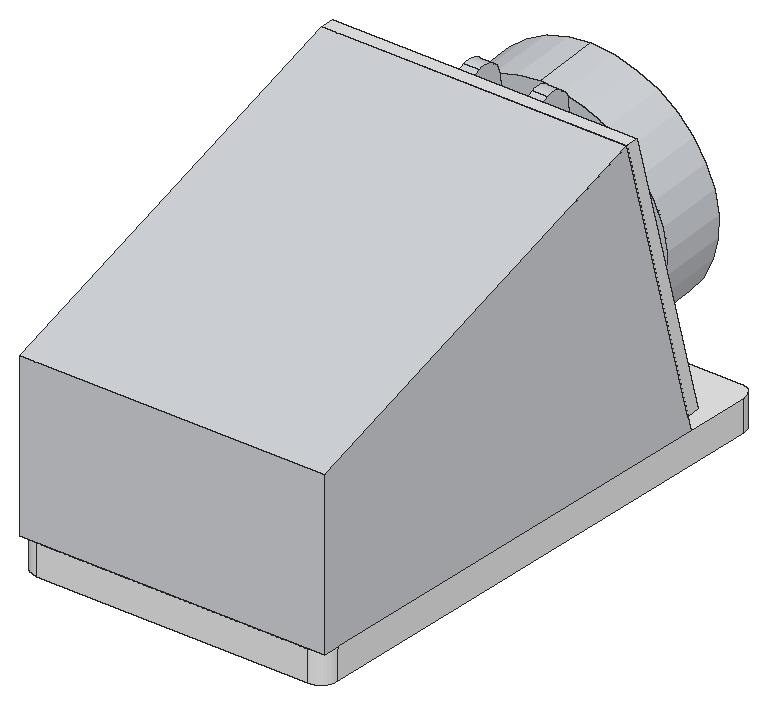
Revit family "Building-ConnessioniIEC309-GEWISS-IEC309HP-PRESE_FISSE_PAR_90°_16A_IP67", category Apparecchi elettrici, host Superficie, Revit 2019
Family settings
  Host = Superficie
  Mantenere orientamento annotazione = Sì
  Quota connettore circolare = Usa diametro
  Tipo di parte = Normale
  Taglio con vuoti quando caricato = No
  Condiviso = No
  Punto di calcolo locali = Sì
Parameters (values of type "GW62507 - PRESA FISSA 90°PAR.ST.3P+N+T 16A 500V 7H")
  simbolo acceso [instance] = yes
  distanza_simbolo [instance] = 1 mm
  distanza dal piano [instance] = 0 mm
  W = 115 mm  # constant formula
  Versione file RFA = "21.11"
  URL = "https://www.gewiss.com/it/it"
  Tipologia = "Presa fissa da parete 90°"
  Tipo Cablaggio = "A vite"
  Termopressione con biglia = "125 °C (Parti attive) - 80 °C (Parti passive)"
  Tensione nominale = "480-500V"
  Temperatura di utilizzo = "-25 +55 °C"
  Spostamento_effettivo_S [instance] = 4000 mm - Spostamento_S  # 3045 mm
  Spostamento_S = 955 mm
  Sportello_visibile = yes
  Sovraccarico ammissibile = "22A"
  Scheda Tecnica = "https://www.gewiss.com/it/it/search?q=GW62507"
  SPinotto = Default(2)
  SEO = "Presa"
  Riferimento h = "7"
  Resistenza di isolamento = "- 10 M?"
  Resistenza agli urti = "IK08"
  Prospetto di default = 500 mm
  Produttore = "GEWISS S.p.A."
  Potere d'interruzione a 1,1 Un = "20A"
  Piastra = Default(2)
  N. poli = "3P+N+T"
  N. Manovre complessive = "-5000"
  Modello = "GW62507"
  L = 155 mm  # constant formula
  Immagine tipo = (empty or 0)
  IDT = "75224ae70975472582c93cd3b83b93f0"
  IDF = "33bf2142-f6e8-4508-bc85-10d0f604711d"
  Grado di protezione = "IP67"
  Glow wire test: = "850 °C (Parti attive) - 650 °C (Parti passive)"
  Frequenza = "50/60 Hz"
  FORMULA = 1000 mm * 1  # 1000 mm
  Descrizione = "PRESA FISSA 90°PAR.ST.3P+N+T 16A 500V 7H"
  Creato da GEWISS S.p.A. = ""
  Corrente nominale (A) = "16"
  Corpo centrale = Default(2)
  Colore: = "Nero"
  Codice Electrocod = "2211"
  Catalogo = "BUILDING"
  CapacitÃ  serraggio morsetti = "1-2,5 mm² cavi flessibili - 1,5-4 mm² cavi rigidi"
  COBie.Tagnumber = ""
  COBie.CreatedOn = ""
  COBie.CreatebBy = ""
  COBie.ComponentRegisterItemID = ""
  COBie.Component.TagNumber = ""
  COBie.Component.Space = ""
  COBie.Component.SerialNumber = ""
  COBie.Component.InstallationDate = ""
  COBie.Component.Description = ""
  COBie.Component.BarCode = ""
  BLOCCO = "B=C"
Types (11, lengths in mm): name | Tensione nominale | Scheda Tecnica | Riferimento h | N. poli | Modello | IDT | Descrizione | Colore:
  GW62496 - PRESA FISSA 90°PAR.ST.2P+T 16A 110V 4H | "100-130V" | "https://www.gewiss.com/it/it/search?q=GW62496" | "4" | "2P+T" | "GW62496" | "12885c64b1184deeb4b0b835646240ae" | "PRESA FISSA 90°PAR.ST.2P+T 16A 110V 4H" | "Giallo"
  GW62497 - PRESA FISSA 90°PAR.ST.3P+T 16A 110V 4H | "100-130V" | "https://www.gewiss.com/it/it/search?q=GW62497" | "4" | "3P+T" | "GW62497" | "600a2565b254416fa610c3149f4c4855" | "PRESA FISSA 90°PAR.ST.3P+T 16A 110V 4H" | "Giallo"
  GW62498 - PRESA FISSA 90°PAR.ST.3P+N+T 16A 110V 4H | "100-130V" | "https://www.gewiss.com/it/it/search?q=GW62498" | "4" | "3P+N+T" | "GW62498" | "d9028e911044403fa0dc0b22b70b8fc5" | "PRESA FISSA 90°PAR.ST.3P+N+T 16A 110V 4H" | "Giallo"
  GW62499 - PRESA FISSA 90°PAR.ST.2P+T 16A 230V 6H | "200-250V" | "https://www.gewiss.com/it/it/search?q=GW62499" | "6" | "2P+T" | "GW62499" | "8ca115c4d1454531927377847f412c56" | "PRESA FISSA 90°PAR.ST.2P+T 16A 230V 6H" | "Blu"
  GW62501 - PRESA FISSA 90°PAR.ST.3P+T 16A 230V 9H | "200-250V" | "https://www.gewiss.com/it/it/search?q=GW62501" | "9" | "3P+T" | "GW62501" | "60ecd30916564ba1afd2a7f73ded4bf9" | "PRESA FISSA 90°PAR.ST.3P+T 16A 230V 9H" | "Blu"
  GW62502 - PRESA FISSA 90°PAR.ST.3P+N+T 16A 230V 9H | "200-250V" | "https://www.gewiss.com/it/it/search?q=GW62502" | "9" | "3P+N+T" | "GW62502" | "6cdec477acff4531b75e4fda99198187" | "PRESA FISSA 90°PAR.ST.3P+N+T 16A 230V 9H" | "Blu"
  GW62503 - PRESA FISSA 90°PAR.ST.2P+T 16A 400V 9H | "380-415V" | "https://www.gewiss.com/it/it/search?q=GW62503" | "9" | "2P+T" | "GW62503" | "8f89ba7dec224969b52b27a88b61543c" | "PRESA FISSA 90°PAR.ST.2P+T 16A 400V 9H" | "Rosso"
  GW62504 - PRESA FISSA 90°PAR.ST.3P+T 16A 400V 6H | "380-415V" | "https://www.gewiss.com/it/it/search?q=GW62504" | "6" | "3P+T" | "GW62504" | "d650e1a5500948d7a126796226bfedc4" | "PRESA FISSA 90°PAR.ST.3P+T 16A 400V 6H" | "Rosso"
  GW62505 - PRESA FISSA 90°PAR.ST.3P+N+T 16A 400V 6H | "380-415V" | "https://www.gewiss.com/it/it/search?q=GW62505" | "6" | "3P+N+T" | "GW62505" | "0730dc935465436784365ade5c5fb480" | "PRESA FISSA 90°PAR.ST.3P+N+T 16A 400V 6H" | "Rosso"
  GW62506 - PRESA FISSA 90°PAR.ST.3P+T 16A 500V 7H | "480-500V" | "https://www.gewiss.com/it/it/search?q=GW62506" | "7" | "3P+T" | "GW62506" | "92b1df0016114d07be98d59e4fc8413f" | "PRESA FISSA 90°PAR.ST.3P+T 16A 500V 7H" | "Nero"
  GW62507 - PRESA FISSA 90°PAR.ST.3P+N+T 16A 500V 7H | "480-500V" | "https://www.gewiss.com/it/it/search?q=GW62507" | "7" | "3P+N+T" | "GW62507" | "75224ae70975472582c93cd3b83b93f0" | "PRESA FISSA 90°PAR.ST.3P+N+T 16A 500V 7H" | "Nero"
Reference planes
  plane 1 "Centro (Fronte/Retro)": y = 0
  plane 2: z = 0
  plane 3 "Centro (Sinistra/Destra)": x = 0
  plane 4: x = -3000
  plane 5: x = 45
  plane 6: z = 0
Dimensions and locks
  plane 4 to plane 3 "Centro (Sinistra/Destra)" = 3000 mm
  "Spostamento_effettivo_S": plane 4 to plane 5
  "distanza dal piano": plane 6 to plane 2
  aligned and locked: plane 2 to host face
  aligned and locked: level to host face
  aligned and locked: plane 3 "Centro (Sinistra/Destra)" to nested 1
  aligned and locked: plane 1 "Centro (Fronte/Retro)" to nested 1
  aligned and locked: nested 2 to plane 5
  aligned and locked: plane 1 "Centro (Fronte/Retro)" to nested 3
  aligned and locked: plane 3 "Centro (Sinistra/Destra)" to nested 3
Automatic sketch dimensions
  host sketch curve to host sketch curve = 2438.4 mm  (x2)
Nested families
  nested 1: "IEC309 PRESE FISSE PARETE 90' 16A IP67_base" at (0, 0, 0), type "IEC309 PRESE FISSE PARETE 90' 16A IP67_base"
  nested 2: "GWGW62201FH - SIMBOLO_PRESA" at (45, 171.559, 0), visible <- "simbolo acceso", Distanza dal muro <- "distanza_simbolo", type "3P"
    with SIMBOLO ACCESO yes, Distanza dal muro 1 mm
  nested 3: "IEC309 PRESE FISSE PARETE 10' 63A IP67_frontale" at (0, 0, 0), type "IEC309 PRESE FISSE PARETE 10' 63A IP67_frontale"
Connectors
  electrical at (37.5, 30, 0)
    settings: on nested 1, index 1, voltage 0 V, apparent load 0 VA, apparent load phase1 0 VA, apparent load phase2 0 VA, apparent load phase3 0 VA, power factor 1, load classification "Altro", number of poles 1, system type 31, power factor state 1, is connector primary yes, connector utility no, sub classification motor no, connector description ""
Definition of nested family "IEC309 PRESE FISSE PARETE 90' 16A IP67_base"
  Parameters (values of type "IEC309 PRESE FISSE PARETE 90' 16A IP67_base")
    sp_ghiera = 16 mm
    h = 160 mm  # constant formula
    dis_base = 71 mm
    Sportello = yes
    Spinotto = none
    PIASTRA = none
    CENTRALE = none
    Bsae = 90 mm  # constant formula
  Reference planes
    plane 1 "Centro (Fronte/Retro)": y = 0
    plane 2: z = 0
    plane 3 "Centro (Sinistra/Destra)": x = 0
    plane 4: y = 160
    plane 5: x = 90
    plane 6: z = 9
    plane 7: x = 45
  Forms (mm)
    Extrusion 1, solid, material <- "PIASTRA"
      sketch origin (0, 0, 0) x (1, 0, 0) y (0, 1, 0)
        loop
          line (85, 160) -> (5, 160)
          arc (5, 160) -> (1.464, 158.536) -> (0, 155) r 5
          line (0, 155) -> (0, 5)
          arc (0, 5) -> (1.464, 1.464) -> (5, 0) r 5
          line (5, 0) -> (85, 0)
          arc (85, 0) -> (88.536, 1.464) -> (90, 5) r 5
          line (90, 5) -> (90, 155)
          arc (90, 155) -> (88.536, 158.536) -> (85, 160) r 5
      from 0 to 9
    Extrusion 2, solid
      sketch origin (0, 0, 0) x (0, 1, 0) y (0, 0, 1)
        loop
          line (0, 56.724) -> (0, 9) -> (135.451, 9) -> (111.626, 95.035) -> (0, 56.724)
      from 0 to 90
    Extrusion 3, solid, material <- "PIASTRA"
      sketch origin (0, 0, 0) x (0, 1, 0) y (0, 0, 1)
        loop
          line (134.281, 13.227) -> (138.118, 13.73) -> (115.632, 95) -> (111.636, 95) -> (134.281, 13.227)
      from 0 to 90
    Sweep 4, solid, material <- "PIASTRA"
      path origin (0, 0.58, 4.284) x (0, 1, 0) y (0, 0, 1)
        loop
          line (138.635, 49.958) -> (122.764, 48.439)
      profile origin (0, 131.279, 53.482) x (0, 0.095245, -0.995454) y (1, 0, 0)
        loop
          circle (7.612, 45) r 25
    Extrusion 5, solid
      sketch origin (0, 0.303, 0) x (0, 1, 0) y (0, 0, 1)
        loop
          line (117.389, 88.651) -> (123.214, 67.598) -> (132.252, 68.463) -> (130.465, 87.149)
          arc (130.465, 87.149) -> (127.852, 91.177) -> (123.054, 91.349) r 5.2
          line (123.054, 91.349) -> (117.389, 88.651)
      from 32.62 to 37.158
    Extrusion 6, solid
      sketch origin (90, 0.303, 0) x (0, 1, 0) y (0, 0, -1)
        loop
          line (117.389, -88.651) -> (123.054, -91.349)
          arc (123.054, -91.349) -> (127.852, -91.177) -> (130.465, -87.149) r 5.2
          line (130.465, -87.149) -> (132.252, -68.463) -> (123.214, -67.598) -> (117.389, -88.651)
      from 32.62 to 37.158
    Sweep 7, solid
      path origin (0, -0.625, 5) x (0, 1, 0) y (0, 0, 1)
        loop
          line (140.023, 45.797) -> (158.839, 47.597)
      profile origin (0, 148.806, 51.697) x (0, -0.095245, 0.995454) y (1, 0, 0)
        loop
          circle (0, 45) r 35
  Cuts and joins
    joined: Extrusion 3, Sweep 4
  Dimensions and locks
    "Bsae": plane 3 "Centro (Sinistra/Destra)" to plane 5
    "h": plane 1 "Centro (Fronte/Retro)" to plane 4
    plane 1 "Centro (Fronte/Retro)" to Extrusion 1 = 160 mm
    locked: plane 6 to level at 9
    radius of Extrusion 1 sketch curve = 5 mm  (x4)
    radius of Sweep 4 sketch curve = 25 mm
    radius of Sweep 7 sketch curve = 35 mm
    aligned and locked: level to plane 2
    aligned and locked: Extrusion 1 sketch curve to plane 4
    aligned and locked: Extrusion 1 sketch curve to plane 3 "Centro (Sinistra/Destra)"
    aligned and locked: Extrusion 1 sketch curve to plane 5
    aligned and locked: Extrusion 1 sketch curve to plane 1 "Centro (Fronte/Retro)"
    aligned and locked: plane 6 to Extrusion 1
    aligned and locked: Extrusion 2 sketch curve to plane 1 "Centro (Fronte/Retro)"
    aligned and locked: Extrusion 2 sketch curve to plane 6
    aligned and locked: Extrusion 2 to plane 5
    aligned and locked: Extrusion 3 to plane 5
    aligned and locked: Extrusion 3 to plane 3 "Centro (Sinistra/Destra)"
    aligned and locked: plane 7 to Sweep 4 sketch curve
    aligned and locked: plane 7 to Sweep 7 sketch curve
  Automatic sketch dimensions
    plane 4 to Extrusion 2 sketch curve = 48.374 mm
    plane 4 to Extrusion 2 sketch curve = 24.549 mm
    plane 6 to Extrusion 2 sketch curve = 47.724 mm
    plane 6 to Extrusion 2 sketch curve = 86.035 mm
    plane 4 to Extrusion 3 sketch curve = 48.364 mm
    Extrusion 3 sketch curve to Extrusion 3 sketch curve = 3.996 mm
    plane 6 to Extrusion 3 sketch curve = 4.227 mm
    plane 4 to Extrusion 3 sketch curve = 25.719 mm
    plane 6 to Extrusion 3 sketch curve = 4.73 mm
    Extrusion 3 sketch curve to Extrusion 3 sketch curve = 3.837 mm
    Extrusion 3 sketch curve to Extrusion 3 sketch curve = 81.773 mm
    plane 4 to Sweep 4 sketch curve = 36.657 mm
    plane 6 to Sweep 4 sketch curve = 43.723 mm
    Sweep 4 sketch curve to Sweep 4 sketch curve = 15.872 mm
    Sweep 4 sketch curve to Sweep 4 sketch curve = 1.519 mm
    Sweep 4 sketch curve to profile plane = 7.612 mm
    plane 4 to Extrusion 5 sketch curve = 42.309 mm
    Extrusion 5 sketch curve to Extrusion 5 sketch curve = 5.665 mm
    Extrusion 5 sketch curve to Extrusion 5 sketch curve = 5.825 mm
    Extrusion 5 sketch curve to Extrusion 5 sketch curve = 2.234 mm
    Extrusion 5 sketch curve to Extrusion 5 sketch curve = 5.176 mm
    Extrusion 5 sketch curve to Extrusion 5 sketch curve = 9.039 mm
    plane 6 to Extrusion 5 sketch curve = 58.598 mm
    Extrusion 5 sketch curve to Extrusion 5 sketch curve = 0.865 mm
    Extrusion 5 sketch curve to Extrusion 5 sketch curve = 19.055 mm
    Extrusion 5 sketch curve to Extrusion 5 sketch curve = 0.495 mm
    Extrusion 5 sketch curve to Extrusion 5 sketch curve = 2.698 mm
    plane 4 to Extrusion 6 sketch curve = 42.309 mm
    Extrusion 6 sketch curve to Extrusion 6 sketch curve = 5.665 mm
    Extrusion 6 sketch curve to Extrusion 6 sketch curve = 5.825 mm
    Extrusion 6 sketch curve to Extrusion 6 sketch curve = 2.234 mm
    Extrusion 6 sketch curve to Extrusion 6 sketch curve = 5.176 mm
    Extrusion 6 sketch curve to Extrusion 6 sketch curve = 9.039 mm
    plane 6 to Extrusion 6 sketch curve = 82.349 mm
    Extrusion 6 sketch curve to Extrusion 6 sketch curve = 2.698 mm
    Extrusion 6 sketch curve to Extrusion 6 sketch curve = 4.2 mm
    Extrusion 6 sketch curve to Extrusion 6 sketch curve = 18.686 mm
    Extrusion 6 sketch curve to Extrusion 6 sketch curve = 0.865 mm
    plane 4 to Sweep 7 sketch curve = 20.602 mm
    plane 6 to Sweep 7 sketch curve = 41.797 mm
    plane 4 to Sweep 7 sketch curve = 1.786 mm
    Sweep 7 sketch curve to Sweep 7 sketch curve = 1.8 mm
    Sweep 7 sketch curve to profile plane = 0 mm
Definition of nested family "GWGW62201FH - SIMBOLO_PRESA"
  Parameters (values of type "3P")
    SIMBOLO ACCESO [instance] = yes
    Distanza dal muro [instance] = 0 mm
  Reference planes
    plane 1: y = 0
    plane 2: x = 0
  Dimensions and locks
    "Distanza dal muro": plane 1 to nested 1
    aligned and locked: plane 2 to nested 1
  Nested families
    nested 1: "GWGW62201FH - SIMBOLO" at (0, 0, 0), visible <- "SIMBOLO ACCESO", type "3P"
  Definition of nested family "GWGW62201FH - SIMBOLO"
    Parameters (values of type "3P")
      CORNICE SIMBOLO [instance] = yes
      3P = yes
    Reference planes
      plane 1: y = 0
      plane 2: x = 0
    Lines and regions (mm)
      detail lines
        curve 1: circle (-0.314, 0.674, 0) r 0.057 normal (0, 0, 1)
        curve 2: arc (0.346, -0.009, 0) -> (0, 0.337, 0) -> (-0.346, -0.009, 0) r 0.346
        curve 3: line (0, 0.337, 0) -> (0.346, 0.337, 0)
        curve 4: line (0, 3.386, 0) -> (0, 0.337, 0)
        curve 5: line (0, 0.337, 0) -> (-0.314, 0.674, 0)
Definition of nested family "IEC309 PRESE FISSE PARETE 10' 63A IP67_frontale"
  Reference planes
    plane 1 "Centro (Fronte/Retro)": y = 0
    plane 2: z = 0
    plane 3 "Centro (Sinistra/Destra)": x = 0
  Dimensions and locks
    aligned and locked: import instance to plane 3 "Centro (Sinistra/Destra)"
